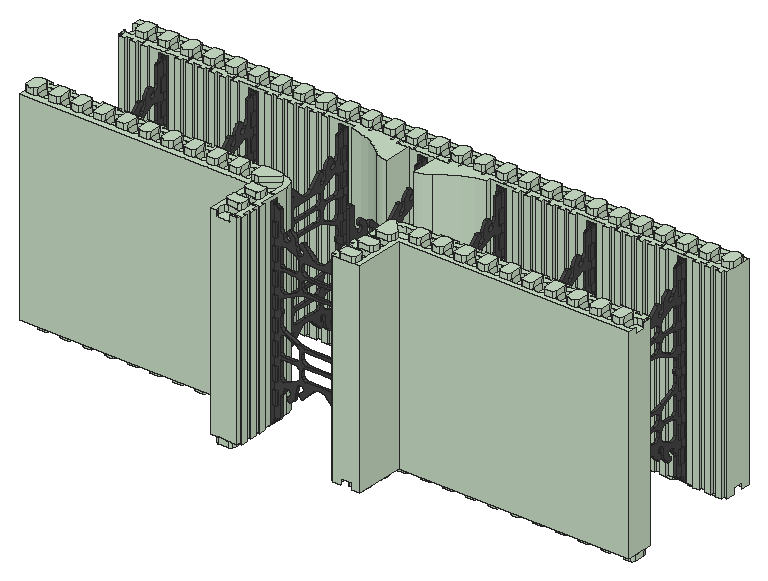
Revit family (continued)
Definition of nested family "8-inch Insert Web"
  Forms (in)
    Extrusion 1, solid, material "High Density Polystyrene"
      sketch origin (0, 0, 0) x (0, 1, 0) y (0, 0, 1)
        loop
          arc (-4.25, 0) -> (-4.22112, 0.01975) -> (-4.21, 0.05292) r 0.055
          line (-4.21, 0.05292) -> (-4.21, 17.69292)
          arc (-4.21, 17.69292) -> (-4.22112, 17.72608) -> (-4.25, 17.74583) r 0.055
          line (-4.25, 17.74583) -> (-4.25, 0)
      from 0.36328 to -0.36328
    Extrusion 2, solid, material "High Density Polystyrene"
      sketch origin (0, 0, 0) x (0, 1, 0) y (0, 0, 1)
        loop
          arc (4.18889, 17.40785) -> (4.20374, 17.40241) -> (4.21, 17.38789) r 0.02
          line (4.21, 17.38789) -> (4.21, 17.63668)
          arc (4.21, 17.63668) -> (4.20585, 17.62147) -> (4.19457, 17.61045) r 0.03
          line (4.19457, 17.61045) -> (4.12543, 17.57204)
          arc (4.12543, 17.57204) -> (4.11414, 17.56103) -> (4.11, 17.54582) r 0.03
          line (4.11, 17.54582) -> (4.11, 17.42461)
          arc (4.11, 17.42461) -> (4.11625, 17.41008) -> (4.13111, 17.40464) r 0.02
          line (4.13111, 17.40464) -> (4.18889, 17.40785)
        loop
          line (-4.12543, 17.57204) -> (-4.19457, 17.61045)
          arc (-4.19457, 17.61045) -> (-4.20585, 17.62147) -> (-4.21, 17.63668) r 0.03
          line (-4.21, 17.63668) -> (-4.21, 17.38789)
          arc (-4.21, 17.38789) -> (-4.20374, 17.40241) -> (-4.18889, 17.40785) r 0.02
          line (-4.18889, 17.40785) -> (-4.13111, 17.40464)
          arc (-4.13111, 17.40464) -> (-4.11625, 17.41008) -> (-4.11, 17.42461) r 0.02
          line (-4.11, 17.42461) -> (-4.11, 17.54582)
          arc (-4.11, 17.54582) -> (-4.11414, 17.56103) -> (-4.12543, 17.57204) r 0.03
        loop
          line (4.18889, 0.33798) -> (4.13111, 0.34119)
          arc (4.13111, 0.34119) -> (4.11625, 0.33575) -> (4.11, 0.32122) r 0.02
          line (4.11, 0.32122) -> (4.11, 0.20001)
          arc (4.11, 0.20001) -> (4.11414, 0.1848) -> (4.12543, 0.17379) r 0.03
          line (4.12543, 0.17379) -> (4.19457, 0.13538)
          arc (4.19457, 0.13538) -> (4.20585, 0.12437) -> (4.21, 0.10915) r 0.03
          line (4.21, 0.10915) -> (4.21, 0.35795)
          arc (4.21, 0.35795) -> (4.20374, 0.34342) -> (4.18889, 0.33798) r 0.02
        loop
          arc (-4.12543, 0.17379) -> (-4.11414, 0.1848) -> (-4.11, 0.20001) r 0.03
          line (-4.11, 0.20001) -> (-4.11, 0.32122)
          arc (-4.11, 0.32122) -> (-4.11625, 0.33575) -> (-4.13111, 0.34119) r 0.02
          line (-4.13111, 0.34119) -> (-4.18889, 0.33798)
          arc (-4.18889, 0.33798) -> (-4.20374, 0.34342) -> (-4.21, 0.35795) r 0.02
          line (-4.21, 0.35795) -> (-4.21, 0.10915)
          arc (-4.21, 0.10915) -> (-4.20585, 0.12437) -> (-4.19457, 0.13538) r 0.03
          line (-4.19457, 0.13538) -> (-4.12543, 0.17379)
        loop
          line (4, 17.20772) -> (3.925, 17.43772)
          arc (3.925, 17.43772) -> (3.875, 17.46772) -> (3.825, 17.43772) r 0.05667
          line (3.825, 17.43772) -> (3.77609, 17.28772) -> (3.64893, 17.28772)
          arc (3.64893, 17.28772) -> (3.61433, 17.27339) -> (3.6, 17.2388) r 0.04893
          line (3.6, 17.2388) -> (3.6, 17.20772) -> (3.5, 17.20772) -> (3.5, 15.75595)
          arc (3.5, 15.75595) -> (3.43087, 15.489) -> (3.24086, 15.28915) r 0.55
          arc (3.24086, 15.28915) -> (3.19232, 15.23289) -> (3.1843, 15.15901) r 0.125
          arc (3.1843, 15.15901) -> (2.73923, 14.83241) -> (2.77171, 15.3835) r 0.305
          arc (2.77171, 15.3835) -> (2.89426, 15.66948) -> (2.60829, 15.79202) r 0.22
          arc (2.60829, 15.79202) -> (2.25428, 15.49683) -> (2.14171, 15.04986) r 0.745
          arc (2.14171, 15.04986) -> (2.09808, 14.63491) -> (1.96932, 14.23805) r 2
          arc (1.96932, 14.23805) -> (1.47025, 14.23431) -> (1.63581, 14.70513) r 0.305
          arc (1.63581, 14.70513) -> (1.78874, 15.03658) -> (1.43743, 15.1357) r 0.24
          line (1.43743, 15.1357) -> (0.53033, 14.22861)
          arc (0.53033, 14.22861) -> (0, 14.00894) -> (-0.53033, 14.22861) r 0.75
          line (-0.53033, 14.22861) -> (-1.43743, 15.1357)
          arc (-1.43743, 15.1357) -> (-1.78874, 15.03658) -> (-1.63581, 14.70513) r 0.24
          arc (-1.63581, 14.70513) -> (-1.47025, 14.23431) -> (-1.96932, 14.23805) r 0.305
          arc (-1.96932, 14.23805) -> (-2.09808, 14.63491) -> (-2.14171, 15.04986) r 2
          arc (-2.14171, 15.04986) -> (-2.25428, 15.49683) -> (-2.60829, 15.79202) r 0.745
          arc (-2.60829, 15.79202) -> (-2.89426, 15.66948) -> (-2.77171, 15.3835) r 0.22
          arc (-2.77171, 15.3835) -> (-2.73923, 14.83241) -> (-3.1843, 15.15901) r 0.305
          arc (-3.1843, 15.15901) -> (-3.19232, 15.23289) -> (-3.24086, 15.28915) r 0.125
          arc (-3.24086, 15.28915) -> (-3.43087, 15.489) -> (-3.5, 15.75595) r 0.55
          line (-3.5, 15.75595) -> (-3.5, 17.20772) -> (-3.6, 17.20772) -> (-3.6, 17.2388)
          arc (-3.6, 17.2388) -> (-3.61433, 17.27339) -> (-3.64893, 17.28772) r 0.04893
          line (-3.64893, 17.28772) -> (-3.77609, 17.28772) -> (-3.825, 17.43772)
          arc (-3.825, 17.43772) -> (-3.875, 17.46772) -> (-3.925, 17.43772) r 0.05667
          line (-3.925, 17.43772) -> (-4, 17.20772) -> (-4, 0.66519) -> (-3.925, 0.43519)
          arc (-3.925, 0.43519) -> (-3.875, 0.40519) -> (-3.825, 0.43519) r 0.05667
          line (-3.825, 0.43519) -> (-3.77609, 0.58519) -> (-3.64893, 0.58519)
          arc (-3.64893, 0.58519) -> (-3.61433, 0.59952) -> (-3.6, 0.63412) r 0.04893
          line (-3.6, 0.63412) -> (-3.6, 0.66519) -> (-3.5, 0.66519) -> (-3.5, 2.24405)
          arc (-3.5, 2.24405) -> (-3.43087, 2.511) -> (-3.24086, 2.71085) r 0.55
          arc (-3.24086, 2.71085) -> (-3.19232, 2.76711) -> (-3.1843, 2.84099) r 0.125
          arc (-3.1843, 2.84099) -> (-2.73923, 3.16759) -> (-2.77171, 2.6165) r 0.305
          arc (-2.77171, 2.6165) -> (-2.89426, 2.33052) -> (-2.60829, 2.20798) r 0.22
          arc (-2.60829, 2.20798) -> (-2.25428, 2.50317) -> (-2.14171, 2.95014) r 0.745
          arc (-2.14171, 2.95014) -> (-2.09808, 3.36509) -> (-1.96932, 3.76195) r 2
          arc (-1.96932, 3.76195) -> (-1.47025, 3.76569) -> (-1.63581, 3.29487) r 0.305
          arc (-1.63581, 3.29487) -> (-1.78874, 2.96342) -> (-1.43743, 2.8643) r 0.24
          line (-1.43743, 2.8643) -> (-0.53033, 3.77139)
          arc (-0.53033, 3.77139) -> (0, 3.99106) -> (0.53033, 3.77139) r 0.75
          line (0.53033, 3.77139) -> (1.43743, 2.8643)
          arc (1.43743, 2.8643) -> (1.78874, 2.96342) -> (1.63581, 3.29487) r 0.24
          arc (1.63581, 3.29487) -> (1.47025, 3.76569) -> (1.96932, 3.76195) r 0.305
          arc (1.96932, 3.76195) -> (2.09808, 3.36509) -> (2.14171, 2.95014) r 2
          arc (2.14171, 2.95014) -> (2.25428, 2.50317) -> (2.60829, 2.20798) r 0.745
          arc (2.60829, 2.20798) -> (2.89426, 2.33052) -> (2.77171, 2.6165) r 0.22
          arc (2.77171, 2.6165) -> (2.73923, 3.16759) -> (3.1843, 2.84099) r 0.305
          arc (3.1843, 2.84099) -> (3.19232, 2.76711) -> (3.24086, 2.71085) r 0.125
          arc (3.24086, 2.71085) -> (3.43087, 2.511) -> (3.5, 2.24405) r 0.55
          line (3.5, 2.24405) -> (3.5, 0.66519) -> (3.6, 0.66519) -> (3.6, 0.63412)
          arc (3.6, 0.63412) -> (3.61433, 0.59952) -> (3.64893, 0.58519) r 0.04893
          line (3.64893, 0.58519) -> (3.77609, 0.58519) -> (3.825, 0.43519)
          arc (3.825, 0.43519) -> (3.875, 0.40519) -> (3.925, 0.43519) r 0.05667
          line (3.925, 0.43519) -> (4, 0.66519) -> (4, 17.20772)
        loop
          line (2.96605, 14.38264) -> (2.08806, 13.97174)
          arc (2.08806, 13.97174) -> (1.87812, 13.78724) -> (1.8, 13.51888) r 0.5
          line (1.8, 13.51888) -> (1.8, 13.10798)
          arc (1.8, 13.10798) -> (1.94645, 12.75443) -> (2.3, 12.60798) r 0.5
          line (2.3, 12.60798) -> (3.25, 12.60798)
          arc (3.25, 12.60798) -> (3.42678, 12.6812) -> (3.5, 12.85798) r 0.25
          line (3.5, 12.85798) -> (3.5, 14.04299)
          arc (3.5, 14.04299) -> (3.32627, 14.35941) -> (2.96605, 14.38264) r 0.375
        loop
          line (1.6, 12.98298) -> (1.6, 13.39222)
          arc (1.6, 13.39222) -> (1.48146, 13.58635) -> (1.30123, 13.72512) r 0.62421
          arc (1.30123, 13.72512) -> (1.16288, 13.71227) -> (1.02401, 13.70798) r 2.25
          line (1.02401, 13.70798) -> (0, 13.70798) -> (-1.02401, 13.70798)
          arc (-1.02401, 13.70798) -> (-1.16288, 13.71227) -> (-1.30123, 13.72512) r 2.25
          arc (-1.30123, 13.72512) -> (-1.48146, 13.58635) -> (-1.6, 13.39222) r 0.62421
          line (-1.6, 13.39222) -> (-1.6, 12.98298)
          arc (-1.6, 12.98298) -> (-1.45481, 12.75317) -> (-1.225, 12.60798) r 0.61747
          line (-1.225, 12.60798) -> (0, 12.60798) -> (1.225, 12.60798)
          arc (1.225, 12.60798) -> (1.45481, 12.75317) -> (1.6, 12.98298) r 0.61747
        loop
          line (-2.08806, 13.97174) -> (-2.96605, 14.38264)
          arc (-2.96605, 14.38264) -> (-3.32627, 14.35941) -> (-3.5, 14.04299) r 0.375
          line (-3.5, 14.04299) -> (-3.5, 12.85798)
          arc (-3.5, 12.85798) -> (-3.42678, 12.6812) -> (-3.25, 12.60798) r 0.25
          line (-3.25, 12.60798) -> (-2.3, 12.60798)
          arc (-2.3, 12.60798) -> (-1.94645, 12.75443) -> (-1.8, 13.10798) r 0.5
          line (-1.8, 13.10798) -> (-1.8, 13.41478) -> (-1.8, 13.51888)
          arc (-1.8, 13.51888) -> (-1.87812, 13.78724) -> (-2.08806, 13.97174) r 0.5
        loop
          arc (2.96605, 10.65332) -> (3.32627, 10.67655) -> (3.5, 10.99296) r 0.375
          line (3.5, 10.99296) -> (3.5, 12.17798)
          arc (3.5, 12.17798) -> (3.42678, 12.35476) -> (3.25, 12.42798) r 0.25
          line (3.25, 12.42798) -> (2.3, 12.42798)
          arc (2.3, 12.42798) -> (1.94645, 12.28153) -> (1.8, 11.92798) r 0.5
          line (1.8, 11.92798) -> (1.8, 11.51707)
          arc (1.8, 11.51707) -> (1.87812, 11.24872) -> (2.08806, 11.06421) r 0.5
          line (2.08806, 11.06421) -> (2.96605, 10.65332)
        loop
          arc (1.6, 12.05298) -> (1.45481, 12.28279) -> (1.225, 12.42798) r 0.61747
          line (1.225, 12.42798) -> (0, 12.42798) -> (-1.225, 12.42798)
          arc (-1.225, 12.42798) -> (-1.45481, 12.28279) -> (-1.6, 12.05298) r 0.61747
          line (-1.6, 12.05298) -> (-1.6, 11.64374)
          arc (-1.6, 11.64374) -> (-1.48146, 11.4496) -> (-1.30123, 11.31084) r 0.62421
          arc (-1.30123, 11.31084) -> (-1.16288, 11.32369) -> (-1.02401, 11.32798) r 2.25
          line (-1.02401, 11.32798) -> (0, 11.32798) -> (1.02401, 11.32798)
          arc (1.02401, 11.32798) -> (1.16288, 11.32369) -> (1.30123, 11.31084) r 2.25
          arc (1.30123, 11.31084) -> (1.48146, 11.4496) -> (1.6, 11.64374) r 0.62421
          line (1.6, 11.64374) -> (1.6, 12.05298)
        loop
          arc (-2.08806, 11.06421) -> (-1.87812, 11.24872) -> (-1.8, 11.51707) r 0.5
          line (-1.8, 11.51707) -> (-1.8, 11.62118) -> (-1.8, 11.92798)
          arc (-1.8, 11.92798) -> (-1.94645, 12.28153) -> (-2.3, 12.42798) r 0.5
          line (-2.3, 12.42798) -> (-3.25, 12.42798)
          arc (-3.25, 12.42798) -> (-3.42678, 12.35476) -> (-3.5, 12.17798) r 0.25
          line (-3.5, 12.17798) -> (-3.5, 10.99296)
          arc (-3.5, 10.99296) -> (-3.32627, 10.67655) -> (-2.96605, 10.65332) r 0.375
          line (-2.96605, 10.65332) -> (-2.08806, 11.06421)
        loop
          line (3.21194, 10.33912) -> (1.95372, 10.92796)
          arc (1.95372, 10.92796) -> (1.48851, 11.08642) -> (1, 11.14009) r 2.25
          line (1, 11.14009) -> (0, 11.14009) -> (-1, 11.14009)
          arc (-1, 11.14009) -> (-1.48851, 11.08642) -> (-1.95372, 10.92796) r 2.25
          line (-1.95372, 10.92796) -> (-3.21194, 10.33912)
          arc (-3.21194, 10.33912) -> (-3.42188, 10.15462) -> (-3.5, 9.88626) r 0.5
          line (-3.5, 9.88626) -> (-3.5, 9.31235) -> (-3.38, 9.11235) -> (-3.38, 9) -> (-3.38, 8.88765) -> (-3.5, 8.68765) -> (-3.5, 8.11374)
          arc (-3.5, 8.11374) -> (-3.42188, 7.84538) -> (-3.21194, 7.66088) r 0.5
          line (-3.21194, 7.66088) -> (-1.95372, 7.07204)
          arc (-1.95372, 7.07204) -> (-1.48851, 6.91358) -> (-1, 6.85991) r 2.25
          line (-1, 6.85991) -> (0, 6.85991) -> (1, 6.85991)
          arc (1, 6.85991) -> (1.48851, 6.91358) -> (1.95372, 7.07204) r 2.25
          line (1.95372, 7.07204) -> (3.21194, 7.66088)
          arc (3.21194, 7.66088) -> (3.42188, 7.84538) -> (3.5, 8.11374) r 0.5
          line (3.5, 8.11374) -> (3.5, 8.68765) -> (3.38, 8.88765) -> (3.38, 9) -> (3.38, 9.11235) -> (3.5, 9.31235) -> (3.5, 9.88626)
          arc (3.5, 9.88626) -> (3.42188, 10.15462) -> (3.21194, 10.33912) r 0.5
        loop
          arc (2.96605, 3.61736) -> (3.32627, 3.64059) -> (3.5, 3.95701) r 0.375
          line (3.5, 3.95701) -> (3.5, 5.14202)
          arc (3.5, 5.14202) -> (3.42678, 5.3188) -> (3.25, 5.39202) r 0.25
          line (3.25, 5.39202) -> (2.3, 5.39202)
          arc (2.3, 5.39202) -> (1.94645, 5.24557) -> (1.8, 4.89202) r 0.5
          line (1.8, 4.89202) -> (1.8, 4.48112)
          arc (1.8, 4.48112) -> (1.87812, 4.21276) -> (2.08806, 4.02826) r 0.5
          line (2.08806, 4.02826) -> (2.96605, 3.61736)
        loop
          arc (1.6, 5.01702) -> (1.45481, 5.24683) -> (1.225, 5.39202) r 0.61747
          line (1.225, 5.39202) -> (0, 5.39202) -> (-1.225, 5.39202)
          arc (-1.225, 5.39202) -> (-1.45481, 5.24683) -> (-1.6, 5.01702) r 0.61747
          line (-1.6, 5.01702) -> (-1.6, 4.60778)
          arc (-1.6, 4.60778) -> (-1.48146, 4.41365) -> (-1.30123, 4.27488) r 0.62421
          arc (-1.30123, 4.27488) -> (-1.16288, 4.28773) -> (-1.02401, 4.29202) r 2.25
          line (-1.02401, 4.29202) -> (0, 4.29202) -> (1.02401, 4.29202)
          arc (1.02401, 4.29202) -> (1.16288, 4.28773) -> (1.30123, 4.27488) r 2.25
          arc (1.30123, 4.27488) -> (1.48146, 4.41365) -> (1.6, 4.60778) r 0.62421
          line (1.6, 4.60778) -> (1.6, 5.01702)
        loop
          arc (-2.08806, 4.02826) -> (-1.87812, 4.21276) -> (-1.8, 4.48112) r 0.5
          line (-1.8, 4.48112) -> (-1.8, 4.58522) -> (-1.8, 4.89202)
          arc (-1.8, 4.89202) -> (-1.94645, 5.24557) -> (-2.3, 5.39202) r 0.5
          line (-2.3, 5.39202) -> (-3.25, 5.39202)
          arc (-3.25, 5.39202) -> (-3.42678, 5.3188) -> (-3.5, 5.14202) r 0.25
          line (-3.5, 5.14202) -> (-3.5, 3.95701)
          arc (-3.5, 3.95701) -> (-3.32627, 3.64059) -> (-2.96605, 3.61736) r 0.375
          line (-2.96605, 3.61736) -> (-2.08806, 4.02826)
        loop
          line (2.96605, 7.34668) -> (2.08806, 6.93579)
          arc (2.08806, 6.93579) -> (1.87812, 6.75128) -> (1.8, 6.48293) r 0.5
          line (1.8, 6.48293) -> (1.8, 6.07202)
          arc (1.8, 6.07202) -> (1.94645, 5.71847) -> (2.3, 5.57202) r 0.5
          line (2.3, 5.57202) -> (3.25, 5.57202)
          arc (3.25, 5.57202) -> (3.42678, 5.64524) -> (3.5, 5.82202) r 0.25
          line (3.5, 5.82202) -> (3.5, 7.00704)
          arc (3.5, 7.00704) -> (3.32627, 7.32345) -> (2.96605, 7.34668) r 0.375
        loop
          line (1.6, 5.94702) -> (1.6, 6.35626)
          arc (1.6, 6.35626) -> (1.48146, 6.5504) -> (1.30123, 6.68916) r 0.62421
          arc (1.30123, 6.68916) -> (1.16288, 6.67631) -> (1.02401, 6.67202) r 2.25
          line (1.02401, 6.67202) -> (0, 6.67202) -> (-1.02401, 6.67202)
          arc (-1.02401, 6.67202) -> (-1.16288, 6.67631) -> (-1.30123, 6.68916) r 2.25
          arc (-1.30123, 6.68916) -> (-1.48146, 6.5504) -> (-1.6, 6.35626) r 0.62421
          line (-1.6, 6.35626) -> (-1.6, 5.94702)
          arc (-1.6, 5.94702) -> (-1.45481, 5.71721) -> (-1.225, 5.57202) r 0.61747
          line (-1.225, 5.57202) -> (0, 5.57202) -> (1.225, 5.57202)
          arc (1.225, 5.57202) -> (1.45481, 5.71721) -> (1.6, 5.94702) r 0.61747
        loop
          line (-2.08806, 6.93579) -> (-2.96605, 7.34668)
          arc (-2.96605, 7.34668) -> (-3.32627, 7.32345) -> (-3.5, 7.00704) r 0.375
          line (-3.5, 7.00704) -> (-3.5, 5.82202)
          arc (-3.5, 5.82202) -> (-3.42678, 5.64524) -> (-3.25, 5.57202) r 0.25
          line (-3.25, 5.57202) -> (-2.3, 5.57202)
          arc (-2.3, 5.57202) -> (-1.94645, 5.71847) -> (-1.8, 6.07202) r 0.5
          line (-1.8, 6.07202) -> (-1.8, 6.37882) -> (-1.8, 6.48293)
          arc (-1.8, 6.48293) -> (-1.87812, 6.75128) -> (-2.08806, 6.93579) r 0.5
      from 0.125 to -0.125
    Extrusion 3, solid, material "High Density Polystyrene"
      sketch origin (0, 0, 0) x (0, 1, 0) y (0, 0, 1)
        loop
          line (4.21, 16.17792) -> (3.71, 16.17792) -> (3.71, 14.97792) -> (4.21, 14.97792) -> (4.21, 16.17792)
        loop
          line (4.21, 14.22792) -> (3.71, 14.22792) -> (3.71, 13.02792) -> (4.21, 13.02792) -> (4.21, 14.22792)
        loop
          line (4.21, 12.27792) -> (3.71, 12.27792) -> (3.71, 11.07792) -> (4.21, 11.07792) -> (4.21, 12.27792)
        loop
          line (4.21, 10.32792) -> (3.71, 10.32792) -> (3.71, 9.24792) -> (4.21, 9.24792) -> (4.21, 10.32792)
        loop
          line (4.21, 8.49792) -> (3.71, 8.49792) -> (3.71, 7.41792) -> (4.21, 7.41792) -> (4.21, 8.49792)
        loop
          line (4.21, 6.66792) -> (3.71, 6.66792) -> (3.71, 5.46792) -> (4.21, 5.46792) -> (4.21, 6.66792)
        loop
          line (4.21, 4.71792) -> (3.71, 4.71792) -> (3.71, 3.51792) -> (4.21, 3.51792) -> (4.21, 4.71792)
        loop
          line (4.21, 2.76792) -> (3.71, 2.76792) -> (3.71, 1.56792) -> (4.21, 1.56792) -> (4.21, 2.76792)
        loop
          line (-4.21, 16.17792) -> (-4.21, 14.97792) -> (-3.71, 14.97792) -> (-3.71, 16.17792) -> (-4.21, 16.17792)
        loop
          line (-4.21, 14.22792) -> (-4.21, 13.02792) -> (-3.71, 13.02792) -> (-3.71, 14.22792) -> (-4.21, 14.22792)
        loop
          line (-4.21, 12.27792) -> (-4.21, 11.07792) -> (-3.71, 11.07792) -> (-3.71, 12.27792) -> (-4.21, 12.27792)
        loop
          line (-4.21, 10.32792) -> (-4.21, 9.24792) -> (-3.71, 9.24792) -> (-3.71, 10.32792) -> (-4.21, 10.32792)
        loop
          line (-4.21, 8.49792) -> (-4.21, 7.41792) -> (-3.71, 7.41792) -> (-3.71, 8.49792) -> (-4.21, 8.49792)
        loop
          line (-4.21, 6.66792) -> (-4.21, 5.46792) -> (-3.71, 5.46792) -> (-3.71, 6.66792) -> (-4.21, 6.66792)
        loop
          line (-4.21, 4.71792) -> (-4.21, 3.51792) -> (-3.71, 3.51792) -> (-3.71, 4.71792) -> (-4.21, 4.71792)
        loop
          line (-4.21, 2.76792) -> (-4.21, 1.56792) -> (-3.71, 1.56792) -> (-3.71, 2.76792) -> (-4.21, 2.76792)
      from 0.25 to -0.25
    Extrusion 4, void
      sketch origin (0, 1, 0) x (1, 0, 0) y (0, 1, 0)
        loop
          line (-0.25, 2.79249) -> (-0.25, 2.71) -> (-0.1675, 2.71)
          arc (-0.1675, 2.71) -> (-0.22584, 2.73416) -> (-0.25, 2.79249) r 0.0825
      from 0 to 18
    Extrusion 5, void
      sketch origin (0, 1, 0) x (-1, 0, 0) y (0, -1, 0)
        loop
          arc (-0.25, -2.79249) -> (-0.22584, -2.73416) -> (-0.1675, -2.71) r 0.0825
          line (-0.1675, -2.71) -> (-0.25, -2.71) -> (-0.25, -2.79249)
      from 0 to 18
    Extrusion 6, void
      sketch origin (0, -1, 0) x (1, 0, 0) y (0, 1, 0)
        loop
          arc (-0.25, -2.79249) -> (-0.22584, -2.73416) -> (-0.1675, -2.71) r 0.0825
          line (-0.1675, -2.71) -> (-0.25, -2.71) -> (-0.25, -2.79249)
      from 0 to 18
    Extrusion 7, void
      sketch origin (0, -1, 0) x (-1, 0, 0) y (0, -1, 0)
        loop
          line (-0.25, 2.79249) -> (-0.25, 2.71) -> (-0.1675, 2.71)
          arc (-0.1675, 2.71) -> (-0.22584, 2.73416) -> (-0.25, 2.79249) r 0.0825
      from 0 to 18
  Cuts and joins
    Extrusion 4, Extrusion 5, Extrusion 6, Extrusion 7 cuts Extrusion 1
    Extrusion 4, Extrusion 5, Extrusion 6, Extrusion 7 cuts Extrusion 3
Definition of nested family "8-inch Insert Web w One Fastening Strip"
  Reference planes (in)
    plane 1 "Center (Front/Back)": y = 0
    plane 2: z = 0
    plane 3 "Center (Left/Right)": x = 0
  Forms (in)
    Extrusion 1, solid, material "High Density Polystyrene"
      sketch origin (0, 0, 0) x (0, 1, 0) y (0, 0, 1)
        loop
          arc (-4.25, 0) -> (-4.22112, 0.01975) -> (-4.21, 0.05292) r 0.055
          line (-4.21, 0.05292) -> (-4.21, 17.69292)
          arc (-4.21, 17.69292) -> (-4.22112, 17.72608) -> (-4.25, 17.74583) r 0.055
          line (-4.25, 17.74583) -> (-4.25, 0)
      from 0.36328 to -0.36328
    Extrusion 2, solid, material "High Density Polystyrene"
      sketch origin (0, 0, 0) x (0, 1, 0) y (0, 0, 1)
        loop
          line (-4.12543, 17.57204) -> (-4.19457, 17.61045)
          arc (-4.19457, 17.61045) -> (-4.20585, 17.62147) -> (-4.21, 17.63668) r 0.03
          line (-4.21, 17.63668) -> (-4.21, 17.38789)
          arc (-4.21, 17.38789) -> (-4.20374, 17.40241) -> (-4.18889, 17.40785) r 0.02
          line (-4.18889, 17.40785) -> (-4.13111, 17.40464)
          arc (-4.13111, 17.40464) -> (-4.11625, 17.41008) -> (-4.11, 17.42461) r 0.02
          line (-4.11, 17.42461) -> (-4.11, 17.54582)
          arc (-4.11, 17.54582) -> (-4.11414, 17.56103) -> (-4.12543, 17.57204) r 0.03
        loop
          arc (-4.12543, 0.17379) -> (-4.11414, 0.1848) -> (-4.11, 0.20001) r 0.03
          line (-4.11, 0.20001) -> (-4.11, 0.32122)
          arc (-4.11, 0.32122) -> (-4.11625, 0.33575) -> (-4.13111, 0.34119) r 0.02
          line (-4.13111, 0.34119) -> (-4.18889, 0.33798)
          arc (-4.18889, 0.33798) -> (-4.20374, 0.34342) -> (-4.21, 0.35795) r 0.02
          line (-4.21, 0.35795) -> (-4.21, 0.10915)
          arc (-4.21, 0.10915) -> (-4.20585, 0.12437) -> (-4.19457, 0.13538) r 0.03
          line (-4.19457, 0.13538) -> (-4.12543, 0.17379)
        loop
          line (4, 17.20772) -> (3.925, 17.43772)
          arc (3.925, 17.43772) -> (3.875, 17.46772) -> (3.825, 17.43772) r 0.05667
          line (3.825, 17.43772) -> (3.77609, 17.28772) -> (3.64893, 17.28772)
          arc (3.64893, 17.28772) -> (3.61433, 17.27339) -> (3.6, 17.2388) r 0.04893
          line (3.6, 17.2388) -> (3.6, 17.20772) -> (3.5, 17.20772) -> (3.5, 15.75595)
          arc (3.5, 15.75595) -> (3.43087, 15.489) -> (3.24086, 15.28915) r 0.55
          arc (3.24086, 15.28915) -> (3.19232, 15.23289) -> (3.1843, 15.15901) r 0.125
          arc (3.1843, 15.15901) -> (2.73923, 14.83241) -> (2.77171, 15.3835) r 0.305
          arc (2.77171, 15.3835) -> (2.89426, 15.66948) -> (2.60829, 15.79202) r 0.22
          arc (2.60829, 15.79202) -> (2.25428, 15.49683) -> (2.14171, 15.04986) r 0.745
          arc (2.14171, 15.04986) -> (2.09808, 14.63491) -> (1.96932, 14.23805) r 2
          arc (1.96932, 14.23805) -> (1.47025, 14.23431) -> (1.63581, 14.70513) r 0.305
          arc (1.63581, 14.70513) -> (1.78874, 15.03658) -> (1.43743, 15.1357) r 0.24
          line (1.43743, 15.1357) -> (0.53033, 14.22861)
          arc (0.53033, 14.22861) -> (0, 14.00894) -> (-0.53033, 14.22861) r 0.75
          line (-0.53033, 14.22861) -> (-1.43743, 15.1357)
          arc (-1.43743, 15.1357) -> (-1.78874, 15.03658) -> (-1.63581, 14.70513) r 0.24
          arc (-1.63581, 14.70513) -> (-1.47025, 14.23431) -> (-1.96932, 14.23805) r 0.305
          arc (-1.96932, 14.23805) -> (-2.09808, 14.63491) -> (-2.14171, 15.04986) r 2
          arc (-2.14171, 15.04986) -> (-2.25428, 15.49683) -> (-2.60829, 15.79202) r 0.745
          arc (-2.60829, 15.79202) -> (-2.89426, 15.66948) -> (-2.77171, 15.3835) r 0.22
          arc (-2.77171, 15.3835) -> (-2.73923, 14.83241) -> (-3.1843, 15.15901) r 0.305
          arc (-3.1843, 15.15901) -> (-3.19232, 15.23289) -> (-3.24086, 15.28915) r 0.125
          arc (-3.24086, 15.28915) -> (-3.43087, 15.489) -> (-3.5, 15.75595) r 0.55
          line (-3.5, 15.75595) -> (-3.5, 17.20772) -> (-3.6, 17.20772) -> (-3.6, 17.2388)
          arc (-3.6, 17.2388) -> (-3.61433, 17.27339) -> (-3.64893, 17.28772) r 0.04893
          line (-3.64893, 17.28772) -> (-3.77609, 17.28772) -> (-3.825, 17.43772)
          arc (-3.825, 17.43772) -> (-3.875, 17.46772) -> (-3.925, 17.43772) r 0.05667
          line (-3.925, 17.43772) -> (-4, 17.20772) -> (-4, 0.66519) -> (-3.925, 0.43519)
          arc (-3.925, 0.43519) -> (-3.875, 0.40519) -> (-3.825, 0.43519) r 0.05667
          line (-3.825, 0.43519) -> (-3.77609, 0.58519) -> (-3.64893, 0.58519)
          arc (-3.64893, 0.58519) -> (-3.61433, 0.59952) -> (-3.6, 0.63412) r 0.04893
          line (-3.6, 0.63412) -> (-3.6, 0.66519) -> (-3.5, 0.66519) -> (-3.5, 2.24405)
          arc (-3.5, 2.24405) -> (-3.43087, 2.511) -> (-3.24086, 2.71085) r 0.55
          arc (-3.24086, 2.71085) -> (-3.19232, 2.76711) -> (-3.1843, 2.84099) r 0.125
          arc (-3.1843, 2.84099) -> (-2.73923, 3.16759) -> (-2.77171, 2.6165) r 0.305
          arc (-2.77171, 2.6165) -> (-2.89426, 2.33052) -> (-2.60829, 2.20798) r 0.22
          arc (-2.60829, 2.20798) -> (-2.25428, 2.50317) -> (-2.14171, 2.95014) r 0.745
          arc (-2.14171, 2.95014) -> (-2.09808, 3.36509) -> (-1.96932, 3.76195) r 2
          arc (-1.96932, 3.76195) -> (-1.47025, 3.76569) -> (-1.63581, 3.29487) r 0.305
          arc (-1.63581, 3.29487) -> (-1.78874, 2.96342) -> (-1.43743, 2.8643) r 0.24
          line (-1.43743, 2.8643) -> (-0.53033, 3.77139)
          arc (-0.53033, 3.77139) -> (0, 3.99106) -> (0.53033, 3.77139) r 0.75
          line (0.53033, 3.77139) -> (1.43743, 2.8643)
          arc (1.43743, 2.8643) -> (1.78874, 2.96342) -> (1.63581, 3.29487) r 0.24
          arc (1.63581, 3.29487) -> (1.47025, 3.76569) -> (1.96932, 3.76195) r 0.305
          arc (1.96932, 3.76195) -> (2.09808, 3.36509) -> (2.14171, 2.95014) r 2
          arc (2.14171, 2.95014) -> (2.25428, 2.50317) -> (2.60829, 2.20798) r 0.745
          arc (2.60829, 2.20798) -> (2.89426, 2.33052) -> (2.77171, 2.6165) r 0.22
          arc (2.77171, 2.6165) -> (2.73923, 3.16759) -> (3.1843, 2.84099) r 0.305
          arc (3.1843, 2.84099) -> (3.19232, 2.76711) -> (3.24086, 2.71085) r 0.125
          arc (3.24086, 2.71085) -> (3.43087, 2.511) -> (3.5, 2.24405) r 0.55
          line (3.5, 2.24405) -> (3.5, 0.66519) -> (3.6, 0.66519) -> (3.6, 0.63412)
          arc (3.6, 0.63412) -> (3.61433, 0.59952) -> (3.64893, 0.58519) r 0.04893
          line (3.64893, 0.58519) -> (3.77609, 0.58519) -> (3.825, 0.43519)
          arc (3.825, 0.43519) -> (3.875, 0.40519) -> (3.925, 0.43519) r 0.05667
          line (3.925, 0.43519) -> (4, 0.66519) -> (4, 17.20772)
        loop
          line (2.96605, 14.38264) -> (2.08806, 13.97174)
          arc (2.08806, 13.97174) -> (1.87812, 13.78724) -> (1.8, 13.51888) r 0.5
          line (1.8, 13.51888) -> (1.8, 13.10798)
          arc (1.8, 13.10798) -> (1.94645, 12.75443) -> (2.3, 12.60798) r 0.5
          line (2.3, 12.60798) -> (3.25, 12.60798)
          arc (3.25, 12.60798) -> (3.42678, 12.6812) -> (3.5, 12.85798) r 0.25
          line (3.5, 12.85798) -> (3.5, 14.04299)
          arc (3.5, 14.04299) -> (3.32627, 14.35941) -> (2.96605, 14.38264) r 0.375
        loop
          line (1.6, 12.98298) -> (1.6, 13.39222)
          arc (1.6, 13.39222) -> (1.48146, 13.58635) -> (1.30123, 13.72512) r 0.62421
          arc (1.30123, 13.72512) -> (1.16288, 13.71227) -> (1.02401, 13.70798) r 2.25
          line (1.02401, 13.70798) -> (0, 13.70798) -> (-1.02401, 13.70798)
          arc (-1.02401, 13.70798) -> (-1.16288, 13.71227) -> (-1.30123, 13.72512) r 2.25
          arc (-1.30123, 13.72512) -> (-1.48146, 13.58635) -> (-1.6, 13.39222) r 0.62421
          line (-1.6, 13.39222) -> (-1.6, 12.98298)
          arc (-1.6, 12.98298) -> (-1.45481, 12.75317) -> (-1.225, 12.60798) r 0.61747
          line (-1.225, 12.60798) -> (0, 12.60798) -> (1.225, 12.60798)
          arc (1.225, 12.60798) -> (1.45481, 12.75317) -> (1.6, 12.98298) r 0.61747
        loop
          line (-2.08806, 13.97174) -> (-2.96605, 14.38264)
          arc (-2.96605, 14.38264) -> (-3.32627, 14.35941) -> (-3.5, 14.04299) r 0.375
          line (-3.5, 14.04299) -> (-3.5, 12.85798)
          arc (-3.5, 12.85798) -> (-3.42678, 12.6812) -> (-3.25, 12.60798) r 0.25
          line (-3.25, 12.60798) -> (-2.3, 12.60798)
          arc (-2.3, 12.60798) -> (-1.94645, 12.75443) -> (-1.8, 13.10798) r 0.5
          line (-1.8, 13.10798) -> (-1.8, 13.41478) -> (-1.8, 13.51888)
          arc (-1.8, 13.51888) -> (-1.87812, 13.78724) -> (-2.08806, 13.97174) r 0.5
        loop
          arc (2.96605, 10.65332) -> (3.32627, 10.67655) -> (3.5, 10.99296) r 0.375
          line (3.5, 10.99296) -> (3.5, 12.17798)
          arc (3.5, 12.17798) -> (3.42678, 12.35476) -> (3.25, 12.42798) r 0.25
          line (3.25, 12.42798) -> (2.3, 12.42798)
          arc (2.3, 12.42798) -> (1.94645, 12.28153) -> (1.8, 11.92798) r 0.5
          line (1.8, 11.92798) -> (1.8, 11.51707)
          arc (1.8, 11.51707) -> (1.87812, 11.24872) -> (2.08806, 11.06421) r 0.5
          line (2.08806, 11.06421) -> (2.96605, 10.65332)
        loop
          arc (1.6, 12.05298) -> (1.45481, 12.28279) -> (1.225, 12.42798) r 0.61747
          line (1.225, 12.42798) -> (0, 12.42798) -> (-1.225, 12.42798)
          arc (-1.225, 12.42798) -> (-1.45481, 12.28279) -> (-1.6, 12.05298) r 0.61747
          line (-1.6, 12.05298) -> (-1.6, 11.64374)
          arc (-1.6, 11.64374) -> (-1.48146, 11.4496) -> (-1.30123, 11.31084) r 0.62421
          arc (-1.30123, 11.31084) -> (-1.16288, 11.32369) -> (-1.02401, 11.32798) r 2.25
          line (-1.02401, 11.32798) -> (0, 11.32798) -> (1.02401, 11.32798)
          arc (1.02401, 11.32798) -> (1.16288, 11.32369) -> (1.30123, 11.31084) r 2.25
          arc (1.30123, 11.31084) -> (1.48146, 11.4496) -> (1.6, 11.64374) r 0.62421
          line (1.6, 11.64374) -> (1.6, 12.05298)
        loop
          arc (-2.08806, 11.06421) -> (-1.87812, 11.24872) -> (-1.8, 11.51707) r 0.5
          line (-1.8, 11.51707) -> (-1.8, 11.62118) -> (-1.8, 11.92798)
          arc (-1.8, 11.92798) -> (-1.94645, 12.28153) -> (-2.3, 12.42798) r 0.5
          line (-2.3, 12.42798) -> (-3.25, 12.42798)
          arc (-3.25, 12.42798) -> (-3.42678, 12.35476) -> (-3.5, 12.17798) r 0.25
          line (-3.5, 12.17798) -> (-3.5, 10.99296)
          arc (-3.5, 10.99296) -> (-3.32627, 10.67655) -> (-2.96605, 10.65332) r 0.375
          line (-2.96605, 10.65332) -> (-2.08806, 11.06421)
        loop
          line (3.21194, 10.33912) -> (1.95372, 10.92796)
          arc (1.95372, 10.92796) -> (1.48851, 11.08642) -> (1, 11.14009) r 2.25
          line (1, 11.14009) -> (0, 11.14009) -> (-1, 11.14009)
          arc (-1, 11.14009) -> (-1.48851, 11.08642) -> (-1.95372, 10.92796) r 2.25
          line (-1.95372, 10.92796) -> (-3.21194, 10.33912)
          arc (-3.21194, 10.33912) -> (-3.42188, 10.15462) -> (-3.5, 9.88626) r 0.5
          line (-3.5, 9.88626) -> (-3.5, 9.31235) -> (-3.38, 9.11235) -> (-3.38, 9) -> (-3.38, 8.88765) -> (-3.5, 8.68765) -> (-3.5, 8.11374)
          arc (-3.5, 8.11374) -> (-3.42188, 7.84538) -> (-3.21194, 7.66088) r 0.5
          line (-3.21194, 7.66088) -> (-1.95372, 7.07204)
          arc (-1.95372, 7.07204) -> (-1.48851, 6.91358) -> (-1, 6.85991) r 2.25
          line (-1, 6.85991) -> (0, 6.85991) -> (1, 6.85991)
          arc (1, 6.85991) -> (1.48851, 6.91358) -> (1.95372, 7.07204) r 2.25
          line (1.95372, 7.07204) -> (3.21194, 7.66088)
          arc (3.21194, 7.66088) -> (3.42188, 7.84538) -> (3.5, 8.11374) r 0.5
          line (3.5, 8.11374) -> (3.5, 8.68765) -> (3.38, 8.88765) -> (3.38, 9) -> (3.38, 9.11235) -> (3.5, 9.31235) -> (3.5, 9.88626)
          arc (3.5, 9.88626) -> (3.42188, 10.15462) -> (3.21194, 10.33912) r 0.5
        loop
          arc (2.96605, 3.61736) -> (3.32627, 3.64059) -> (3.5, 3.95701) r 0.375
          line (3.5, 3.95701) -> (3.5, 5.14202)
          arc (3.5, 5.14202) -> (3.42678, 5.3188) -> (3.25, 5.39202) r 0.25
          line (3.25, 5.39202) -> (2.3, 5.39202)
          arc (2.3, 5.39202) -> (1.94645, 5.24557) -> (1.8, 4.89202) r 0.5
          line (1.8, 4.89202) -> (1.8, 4.48112)
          arc (1.8, 4.48112) -> (1.87812, 4.21276) -> (2.08806, 4.02826) r 0.5
          line (2.08806, 4.02826) -> (2.96605, 3.61736)
        loop
          arc (1.6, 5.01702) -> (1.45481, 5.24683) -> (1.225, 5.39202) r 0.61747
          line (1.225, 5.39202) -> (0, 5.39202) -> (-1.225, 5.39202)
          arc (-1.225, 5.39202) -> (-1.45481, 5.24683) -> (-1.6, 5.01702) r 0.61747
          line (-1.6, 5.01702) -> (-1.6, 4.60778)
          arc (-1.6, 4.60778) -> (-1.48146, 4.41365) -> (-1.30123, 4.27488) r 0.62421
          arc (-1.30123, 4.27488) -> (-1.16288, 4.28773) -> (-1.02401, 4.29202) r 2.25
          line (-1.02401, 4.29202) -> (0, 4.29202) -> (1.02401, 4.29202)
          arc (1.02401, 4.29202) -> (1.16288, 4.28773) -> (1.30123, 4.27488) r 2.25
          arc (1.30123, 4.27488) -> (1.48146, 4.41365) -> (1.6, 4.60778) r 0.62421
          line (1.6, 4.60778) -> (1.6, 5.01702)
        loop
          arc (-2.08806, 4.02826) -> (-1.87812, 4.21276) -> (-1.8, 4.48112) r 0.5
          line (-1.8, 4.48112) -> (-1.8, 4.58522) -> (-1.8, 4.89202)
          arc (-1.8, 4.89202) -> (-1.94645, 5.24557) -> (-2.3, 5.39202) r 0.5
          line (-2.3, 5.39202) -> (-3.25, 5.39202)
          arc (-3.25, 5.39202) -> (-3.42678, 5.3188) -> (-3.5, 5.14202) r 0.25
          line (-3.5, 5.14202) -> (-3.5, 3.95701)
          arc (-3.5, 3.95701) -> (-3.32627, 3.64059) -> (-2.96605, 3.61736) r 0.375
          line (-2.96605, 3.61736) -> (-2.08806, 4.02826)
        loop
          line (2.96605, 7.34668) -> (2.08806, 6.93579)
          arc (2.08806, 6.93579) -> (1.87812, 6.75128) -> (1.8, 6.48293) r 0.5
          line (1.8, 6.48293) -> (1.8, 6.07202)
          arc (1.8, 6.07202) -> (1.94645, 5.71847) -> (2.3, 5.57202) r 0.5
          line (2.3, 5.57202) -> (3.25, 5.57202)
          arc (3.25, 5.57202) -> (3.42678, 5.64524) -> (3.5, 5.82202) r 0.25
          line (3.5, 5.82202) -> (3.5, 7.00704)
          arc (3.5, 7.00704) -> (3.32627, 7.32345) -> (2.96605, 7.34668) r 0.375
        loop
          line (1.6, 5.94702) -> (1.6, 6.35626)
          arc (1.6, 6.35626) -> (1.48146, 6.5504) -> (1.30123, 6.68916) r 0.62421
          arc (1.30123, 6.68916) -> (1.16288, 6.67631) -> (1.02401, 6.67202) r 2.25
          line (1.02401, 6.67202) -> (0, 6.67202) -> (-1.02401, 6.67202)
          arc (-1.02401, 6.67202) -> (-1.16288, 6.67631) -> (-1.30123, 6.68916) r 2.25
          arc (-1.30123, 6.68916) -> (-1.48146, 6.5504) -> (-1.6, 6.35626) r 0.62421
          line (-1.6, 6.35626) -> (-1.6, 5.94702)
          arc (-1.6, 5.94702) -> (-1.45481, 5.71721) -> (-1.225, 5.57202) r 0.61747
          line (-1.225, 5.57202) -> (0, 5.57202) -> (1.225, 5.57202)
          arc (1.225, 5.57202) -> (1.45481, 5.71721) -> (1.6, 5.94702) r 0.61747
        loop
          line (-2.08806, 6.93579) -> (-2.96605, 7.34668)
          arc (-2.96605, 7.34668) -> (-3.32627, 7.32345) -> (-3.5, 7.00704) r 0.375
          line (-3.5, 7.00704) -> (-3.5, 5.82202)
          arc (-3.5, 5.82202) -> (-3.42678, 5.64524) -> (-3.25, 5.57202) r 0.25
          line (-3.25, 5.57202) -> (-2.3, 5.57202)
          arc (-2.3, 5.57202) -> (-1.94645, 5.71847) -> (-1.8, 6.07202) r 0.5
          line (-1.8, 6.07202) -> (-1.8, 6.37882) -> (-1.8, 6.48293)
          arc (-1.8, 6.48293) -> (-1.87812, 6.75128) -> (-2.08806, 6.93579) r 0.5
      from 0.125 to -0.125
    Extrusion 3, solid, material "High Density Polystyrene"
      sketch origin (0, 0, 0) x (0, 1, 0) y (0, 0, 1)
        loop
          line (-4.21, 16.17792) -> (-4.21, 14.97792) -> (-3.71, 14.97792) -> (-3.71, 16.17792) -> (-4.21, 16.17792)
        loop
          line (-4.21, 14.22792) -> (-4.21, 13.02792) -> (-3.71, 13.02792) -> (-3.71, 14.22792) -> (-4.21, 14.22792)
        loop
          line (-4.21, 12.27792) -> (-4.21, 11.07792) -> (-3.71, 11.07792) -> (-3.71, 12.27792) -> (-4.21, 12.27792)
        loop
          line (-4.21, 10.32792) -> (-4.21, 9.24792) -> (-3.71, 9.24792) -> (-3.71, 10.32792) -> (-4.21, 10.32792)
        loop
          line (-4.21, 8.49792) -> (-4.21, 7.41792) -> (-3.71, 7.41792) -> (-3.71, 8.49792) -> (-4.21, 8.49792)
        loop
          line (-4.21, 6.66792) -> (-4.21, 5.46792) -> (-3.71, 5.46792) -> (-3.71, 6.66792) -> (-4.21, 6.66792)
        loop
          line (-4.21, 4.71792) -> (-4.21, 3.51792) -> (-3.71, 3.51792) -> (-3.71, 4.71792) -> (-4.21, 4.71792)
        loop
          line (-4.21, 2.76792) -> (-4.21, 1.56792) -> (-3.71, 1.56792) -> (-3.71, 2.76792) -> (-4.21, 2.76792)
      from 0.25 to -0.25
    Extrusion 4, void
      sketch origin (0, -1, 0) x (1, 0, 0) y (0, 1, 0)
        loop
          arc (-0.25, -2.79249) -> (-0.22584, -2.73416) -> (-0.1675, -2.71) r 0.0825
          line (-0.1675, -2.71) -> (-0.25, -2.71) -> (-0.25, -2.79249)
      from 0 to 18
    Extrusion 5, void
      sketch origin (0, -1, 0) x (-1, 0, 0) y (0, -1, 0)
        loop
          line (-0.25, 2.79249) -> (-0.25, 2.71) -> (-0.1675, 2.71)
          arc (-0.1675, 2.71) -> (-0.22584, 2.73416) -> (-0.25, 2.79249) r 0.0825
      from 0 to 18
  Cuts and joins
    Extrusion 4, Extrusion 5 cuts Extrusion 1
    Extrusion 4, Extrusion 5 cuts Extrusion 3
Definition of nested family "NUDURA Diamond Pattern Missing Two Lines"
  Reference planes (in)
    plane 1 "Center (Front/Back)": y = 0
    plane 2: z = 0
    plane 3 "Center (Left/Right)": x = 0
    plane 4: z = 18
  Lines and regions (in)
    model lines
      curve 1: line (2, -5.625, 18) -> (2, -5.625, 0)
      curve 2: line (3.35367, -5.625, 16.98484) -> (3.69709, -5.625, 16.64142)
      curve 3: arc (3.35367, -5.625, 17.51517) -> (3.24384, -5.625, 17.25) -> (3.35367, -5.625, 16.98484) r 0.375
      curve 4: line (3.72867, -5.625, 17.89017) -> (3.35367, -5.625, 17.51517)
      curve 5: arc (4.259, -5.625, 17.89017) -> (3.99384, -5.625, 18) -> (3.72867, -5.625, 17.89017) r 0.375
      curve 6: line (4.634, -5.625, 17.51517) -> (4.259, -5.625, 17.89017)
      curve 7: arc (4.634, -5.625, 16.98484) -> (4.74384, -5.625, 17.25) -> (4.634, -5.625, 17.51517) r 0.375
      curve 8: line (4.29059, -5.625, 16.64142) -> (4.634, -5.625, 16.98484)
      curve 9: arc (4.17062, -5.625, 17.80178) -> (3.99384, -5.625, 17.875) -> (3.81706, -5.625, 17.80178) r 0.25
      curve 10: line (4.54562, -5.625, 17.42678) -> (4.17062, -5.625, 17.80178)
      curve 11: arc (4.54562, -5.625, 17.07322) -> (4.61884, -5.625, 17.25) -> (4.54562, -5.625, 17.42678) r 0.25
      curve 12: line (4.17062, -5.625, 16.69822) -> (4.54562, -5.625, 17.07322)
      curve 13: arc (3.81706, -5.625, 16.69822) -> (3.99384, -5.625, 16.625) -> (4.17062, -5.625, 16.69822) r 0.25
      curve 14: line (3.44206, -5.625, 17.07322) -> (3.81706, -5.625, 16.69822)
      curve 15: arc (3.44206, -5.625, 17.42678) -> (3.36884, -5.625, 17.25) -> (3.44206, -5.625, 17.07322) r 0.25
      curve 16: line (3.81706, -5.625, 17.80178) -> (3.44206, -5.625, 17.42678)
      curve 17: arc (3.69709, -5.625, 16.35858) -> (3.75567, -5.625, 16.5) -> (3.69709, -5.625, 16.64142) r 0.2
      curve 18: line (4.634, -5.625, 16.01517) -> (4.29059, -5.625, 16.35858)
      curve 19: arc (4.634, -5.625, 15.48484) -> (4.74384, -5.625, 15.75) -> (4.634, -5.625, 16.01517) r 0.375
      curve 20: line (4.29059, -5.625, 15.14142) -> (4.634, -5.625, 15.48484)
      curve 21: line (3.35367, -5.625, 15.48484) -> (3.69709, -5.625, 15.14142)
      curve 22: arc (3.35367, -5.625, 16.01517) -> (3.24384, -5.625, 15.75) -> (3.35367, -5.625, 15.48484) r 0.375
      curve 23: line (3.69709, -5.625, 16.35858) -> (3.35367, -5.625, 16.01517)
      curve 24: arc (4.17062, -5.625, 16.30178) -> (3.99384, -5.625, 16.375) -> (3.81706, -5.625, 16.30178) r 0.25
      curve 25: line (3.81706, -5.625, 16.30178) -> (3.44206, -5.625, 15.92678)
      curve 26: arc (3.44206, -5.625, 15.92678) -> (3.36884, -5.625, 15.75) -> (3.44206, -5.625, 15.57322) r 0.25
      curve 27: line (3.44206, -5.625, 15.57322) -> (3.81706, -5.625, 15.19822)
      curve 28: arc (3.81706, -5.625, 15.19822) -> (3.99384, -5.625, 15.125) -> (4.17062, -5.625, 15.19822) r 0.25
      curve 29: line (4.17062, -5.625, 15.19822) -> (4.54562, -5.625, 15.57322)
      curve 30: arc (4.54562, -5.625, 15.57322) -> (4.61884, -5.625, 15.75) -> (4.54562, -5.625, 15.92678) r 0.25
      curve 31: line (4.54562, -5.625, 15.92678) -> (4.17062, -5.625, 16.30178)
      curve 32: arc (3.69709, -5.625, 14.85858) -> (3.75567, -5.625, 15) -> (3.69709, -5.625, 15.14142) r 0.2
      curve 33: line (4.634, -5.625, 14.51517) -> (4.29059, -5.625, 14.85858)
      curve 34: arc (4.634, -5.625, 13.98484) -> (4.74384, -5.625, 14.25) -> (4.634, -5.625, 14.51517) r 0.375
      curve 35: line (4.29059, -5.625, 13.64142) -> (4.634, -5.625, 13.98484)
      curve 36: line (3.35367, -5.625, 13.98484) -> (3.69709, -5.625, 13.64142)
      curve 37: arc (3.35367, -5.625, 14.51517) -> (3.24384, -5.625, 14.25) -> (3.35367, -5.625, 13.98484) r 0.375
      curve 38: line (3.69709, -5.625, 14.85858) -> (3.35367, -5.625, 14.51517)
      curve 39: arc (4.17062, -5.625, 14.80178) -> (3.99384, -5.625, 14.875) -> (3.81706, -5.625, 14.80178) r 0.25
      curve 40: line (3.81706, -5.625, 14.80178) -> (3.44206, -5.625, 14.42678)
      curve 41: arc (3.44206, -5.625, 14.42678) -> (3.36884, -5.625, 14.25) -> (3.44206, -5.625, 14.07322) r 0.25
      curve 42: line (3.44206, -5.625, 14.07322) -> (3.81706, -5.625, 13.69822)
      curve 43: arc (3.81706, -5.625, 13.69822) -> (3.99384, -5.625, 13.625) -> (4.17062, -5.625, 13.69822) r 0.25
      curve 44: line (4.17062, -5.625, 13.69822) -> (4.54562, -5.625, 14.07322)
      curve 45: arc (4.54562, -5.625, 14.07322) -> (4.61884, -5.625, 14.25) -> (4.54562, -5.625, 14.42678) r 0.25
      curve 46: line (4.54562, -5.625, 14.42678) -> (4.17062, -5.625, 14.80178)
      curve 47: arc (3.69709, -5.625, 13.35858) -> (3.75567, -5.625, 13.5) -> (3.69709, -5.625, 13.64142) r 0.2
      curve 48: line (4.634, -5.625, 13.01517) -> (4.29059, -5.625, 13.35858)
      curve 49: arc (4.634, -5.625, 12.48484) -> (4.74384, -5.625, 12.75) -> (4.634, -5.625, 13.01517) r 0.375
      curve 50: line (4.29059, -5.625, 12.14142) -> (4.634, -5.625, 12.48484)
      curve 51: line (3.35367, -5.625, 12.48484) -> (3.69709, -5.625, 12.14142)
      curve 52: arc (3.35367, -5.625, 13.01517) -> (3.24384, -5.625, 12.75) -> (3.35367, -5.625, 12.48484) r 0.375
      curve 53: line (3.69709, -5.625, 13.35858) -> (3.35367, -5.625, 13.01517)
      curve 54: arc (4.17062, -5.625, 13.30178) -> (3.99384, -5.625, 13.375) -> (3.81706, -5.625, 13.30178) r 0.25
      curve 55: line (3.81706, -5.625, 13.30178) -> (3.44206, -5.625, 12.92678)
      curve 56: arc (3.44206, -5.625, 12.92678) -> (3.36884, -5.625, 12.75) -> (3.44206, -5.625, 12.57322) r 0.25
      curve 57: line (3.44206, -5.625, 12.57322) -> (3.81706, -5.625, 12.19822)
      curve 58: arc (3.81706, -5.625, 12.19822) -> (3.99384, -5.625, 12.125) -> (4.17062, -5.625, 12.19822) r 0.25
      curve 59: line (4.17062, -5.625, 12.19822) -> (4.54562, -5.625, 12.57322)
      curve 60: arc (4.54562, -5.625, 12.57322) -> (4.61884, -5.625, 12.75) -> (4.54562, -5.625, 12.92678) r 0.25
      curve 61: line (4.54562, -5.625, 12.92678) -> (4.17062, -5.625, 13.30178)
      curve 62: arc (3.69709, -5.625, 11.85858) -> (3.75567, -5.625, 12) -> (3.69709, -5.625, 12.14142) r 0.2
      curve 63: line (4.634, -5.625, 11.51517) -> (4.29059, -5.625, 11.85858)
      curve 64: arc (4.634, -5.625, 10.98484) -> (4.74384, -5.625, 11.25) -> (4.634, -5.625, 11.51517) r 0.375
      curve 65: line (4.29059, -5.625, 10.64142) -> (4.634, -5.625, 10.98484)
      curve 66: line (3.35367, -5.625, 10.98484) -> (3.69709, -5.625, 10.64142)
      curve 67: arc (3.35367, -5.625, 11.51517) -> (3.24384, -5.625, 11.25) -> (3.35367, -5.625, 10.98484) r 0.375
      curve 68: line (3.69709, -5.625, 11.85858) -> (3.35367, -5.625, 11.51517)
      curve 69: arc (4.17062, -5.625, 11.80178) -> (3.99384, -5.625, 11.875) -> (3.81706, -5.625, 11.80178) r 0.25
      curve 70: line (3.81706, -5.625, 11.80178) -> (3.44206, -5.625, 11.42678)
      curve 71: arc (3.44206, -5.625, 11.42678) -> (3.36884, -5.625, 11.25) -> (3.44206, -5.625, 11.07322) r 0.25
      curve 72: line (3.44206, -5.625, 11.07322) -> (3.81706, -5.625, 10.69822)
      curve 73: arc (3.81706, -5.625, 10.69822) -> (3.99384, -5.625, 10.625) -> (4.17062, -5.625, 10.69822) r 0.25
      curve 74: line (4.17062, -5.625, 10.69822) -> (4.54562, -5.625, 11.07322)
      curve 75: arc (4.54562, -5.625, 11.07322) -> (4.61884, -5.625, 11.25) -> (4.54562, -5.625, 11.42678) r 0.25
      curve 76: line (4.54562, -5.625, 11.42678) -> (4.17062, -5.625, 11.80178)
      curve 77: arc (3.69709, -5.625, 10.35858) -> (3.75567, -5.625, 10.5) -> (3.69709, -5.625, 10.64142) r 0.2
      curve 78: line (4.634, -5.625, 10.01517) -> (4.29059, -5.625, 10.35858)
      curve 79: arc (4.634, -5.625, 9.48484) -> (4.74384, -5.625, 9.75) -> (4.634, -5.625, 10.01517) r 0.375
      curve 80: line (4.29059, -5.625, 9.14142) -> (4.634, -5.625, 9.48484)
      curve 81: line (3.35367, -5.625, 9.48484) -> (3.69709, -5.625, 9.14142)
      curve 82: arc (3.35367, -5.625, 10.01517) -> (3.24384, -5.625, 9.75) -> (3.35367, -5.625, 9.48484) r 0.375
      curve 83: line (3.69709, -5.625, 10.35858) -> (3.35367, -5.625, 10.01517)
      curve 84: arc (4.17062, -5.625, 10.30178) -> (3.99384, -5.625, 10.375) -> (3.81706, -5.625, 10.30178) r 0.25
      curve 85: line (3.81706, -5.625, 10.30178) -> (3.44206, -5.625, 9.92678)
      curve 86: arc (3.44206, -5.625, 9.92678) -> (3.36884, -5.625, 9.75) -> (3.44206, -5.625, 9.57322) r 0.25
      curve 87: line (3.44206, -5.625, 9.57322) -> (3.81706, -5.625, 9.19822)
      curve 88: arc (3.81706, -5.625, 9.19822) -> (3.99384, -5.625, 9.125) -> (4.17062, -5.625, 9.19822) r 0.25
      curve 89: line (4.17062, -5.625, 9.19822) -> (4.54562, -5.625, 9.57322)
      curve 90: arc (4.54562, -5.625, 9.57322) -> (4.61884, -5.625, 9.75) -> (4.54562, -5.625, 9.92678) r 0.25
      curve 91: line (4.54562, -5.625, 9.92678) -> (4.17062, -5.625, 10.30178)
      curve 92: arc (3.69709, -5.625, 8.85858) -> (3.75567, -5.625, 9) -> (3.69709, -5.625, 9.14142) r 0.2
      curve 93: line (4.634, -5.625, 8.51517) -> (4.29059, -5.625, 8.85858)
      curve 94: arc (4.634, -5.625, 7.98484) -> (4.74384, -5.625, 8.25) -> (4.634, -5.625, 8.51517) r 0.375
      curve 95: line (4.29059, -5.625, 7.64142) -> (4.634, -5.625, 7.98484)
      curve 96: line (3.35367, -5.625, 7.98484) -> (3.69709, -5.625, 7.64142)
      curve 97: arc (3.35367, -5.625, 8.51517) -> (3.24384, -5.625, 8.25) -> (3.35367, -5.625, 7.98484) r 0.375
      curve 98: line (3.69709, -5.625, 8.85858) -> (3.35367, -5.625, 8.51517)
      curve 99: arc (4.17062, -5.625, 8.80178) -> (3.99384, -5.625, 8.875) -> (3.81706, -5.625, 8.80178) r 0.25
      curve 100: line (3.81706, -5.625, 8.80178) -> (3.44206, -5.625, 8.42678)
      curve 101: arc (3.44206, -5.625, 8.42678) -> (3.36884, -5.625, 8.25) -> (3.44206, -5.625, 8.07322) r 0.25
      curve 102: line (3.44206, -5.625, 8.07322) -> (3.81706, -5.625, 7.69822)
      curve 103: arc (3.81706, -5.625, 7.69822) -> (3.99384, -5.625, 7.625) -> (4.17062, -5.625, 7.69822) r 0.25
      curve 104: line (4.17062, -5.625, 7.69822) -> (4.54562, -5.625, 8.07322)
      curve 105: arc (4.54562, -5.625, 8.07322) -> (4.61884, -5.625, 8.25) -> (4.54562, -5.625, 8.42678) r 0.25
      curve 106: line (4.54562, -5.625, 8.42678) -> (4.17062, -5.625, 8.80178)
      curve 107: arc (3.69709, -5.625, 7.35858) -> (3.75567, -5.625, 7.5) -> (3.69709, -5.625, 7.64142) r 0.2
      curve 108: line (4.634, -5.625, 7.01517) -> (4.29059, -5.625, 7.35858)
      curve 109: arc (4.634, -5.625, 6.48484) -> (4.74384, -5.625, 6.75) -> (4.634, -5.625, 7.01517) r 0.375
      curve 110: line (4.29059, -5.625, 6.14142) -> (4.634, -5.625, 6.48484)
      curve 111: line (3.35367, -5.625, 6.48484) -> (3.69709, -5.625, 6.14142)
      curve 112: arc (3.35367, -5.625, 7.01517) -> (3.24384, -5.625, 6.75) -> (3.35367, -5.625, 6.48484) r 0.375
      curve 113: line (3.69709, -5.625, 7.35858) -> (3.35367, -5.625, 7.01517)
      curve 114: arc (4.17062, -5.625, 7.30178) -> (3.99384, -5.625, 7.375) -> (3.81706, -5.625, 7.30178) r 0.25
      curve 115: line (3.81706, -5.625, 7.30178) -> (3.44206, -5.625, 6.92678)
      curve 116: arc (3.44206, -5.625, 6.92678) -> (3.36884, -5.625, 6.75) -> (3.44206, -5.625, 6.57322) r 0.25
      curve 117: line (3.44206, -5.625, 6.57322) -> (3.81706, -5.625, 6.19822)
      curve 118: arc (3.81706, -5.625, 6.19822) -> (3.99384, -5.625, 6.125) -> (4.17062, -5.625, 6.19822) r 0.25
      curve 119: line (4.17062, -5.625, 6.19822) -> (4.54562, -5.625, 6.57322)
      curve 120: arc (4.54562, -5.625, 6.57322) -> (4.61884, -5.625, 6.75) -> (4.54562, -5.625, 6.92678) r 0.25
      curve 121: line (4.54562, -5.625, 6.92678) -> (4.17062, -5.625, 7.30178)
      curve 122: arc (3.69709, -5.625, 5.85858) -> (3.75567, -5.625, 6) -> (3.69709, -5.625, 6.14142) r 0.2
      curve 123: line (4.634, -5.625, 5.51517) -> (4.29059, -5.625, 5.85858)
      curve 124: arc (4.634, -5.625, 4.98484) -> (4.74384, -5.625, 5.25) -> (4.634, -5.625, 5.51517) r 0.375
      curve 125: line (4.29059, -5.625, 4.64142) -> (4.634, -5.625, 4.98484)
      curve 126: line (3.35367, -5.625, 4.98484) -> (3.69709, -5.625, 4.64142)
      curve 127: arc (3.35367, -5.625, 5.51517) -> (3.24384, -5.625, 5.25) -> (3.35367, -5.625, 4.98484) r 0.375
      curve 128: line (3.69709, -5.625, 5.85858) -> (3.35367, -5.625, 5.51517)
      curve 129: arc (4.17062, -5.625, 5.80178) -> (3.99384, -5.625, 5.875) -> (3.81706, -5.625, 5.80178) r 0.25
      curve 130: line (3.81706, -5.625, 5.80178) -> (3.44206, -5.625, 5.42678)
      curve 131: arc (3.44206, -5.625, 5.42678) -> (3.36884, -5.625, 5.25) -> (3.44206, -5.625, 5.07322) r 0.25
      curve 132: line (3.44206, -5.625, 5.07322) -> (3.81706, -5.625, 4.69822)
      curve 133: arc (3.81706, -5.625, 4.69822) -> (3.99384, -5.625, 4.625) -> (4.17062, -5.625, 4.69822) r 0.25
      curve 134: line (4.17062, -5.625, 4.69822) -> (4.54562, -5.625, 5.07322)
      curve 135: arc (4.54562, -5.625, 5.07322) -> (4.61884, -5.625, 5.25) -> (4.54562, -5.625, 5.42678) r 0.25
      curve 136: line (4.54562, -5.625, 5.42678) -> (4.17062, -5.625, 5.80178)
      curve 137: arc (3.69709, -5.625, 4.35858) -> (3.75567, -5.625, 4.5) -> (3.69709, -5.625, 4.64142) r 0.2
      curve 138: line (4.634, -5.625, 4.01517) -> (4.29059, -5.625, 4.35858)
      curve 139: arc (4.634, -5.625, 3.48484) -> (4.74384, -5.625, 3.75) -> (4.634, -5.625, 4.01517) r 0.375
      curve 140: line (4.29059, -5.625, 3.14142) -> (4.634, -5.625, 3.48484)
      curve 141: line (3.35367, -5.625, 3.48484) -> (3.69709, -5.625, 3.14142)
      curve 142: arc (3.35367, -5.625, 4.01517) -> (3.24384, -5.625, 3.75) -> (3.35367, -5.625, 3.48484) r 0.375
      curve 143: line (3.69709, -5.625, 4.35858) -> (3.35367, -5.625, 4.01517)
      curve 144: arc (4.17062, -5.625, 4.30178) -> (3.99384, -5.625, 4.375) -> (3.81706, -5.625, 4.30178) r 0.25
      curve 145: line (3.81706, -5.625, 4.30178) -> (3.44206, -5.625, 3.92678)
      curve 146: arc (3.44206, -5.625, 3.92678) -> (3.36884, -5.625, 3.75) -> (3.44206, -5.625, 3.57322) r 0.25
      curve 147: line (3.44206, -5.625, 3.57322) -> (3.81706, -5.625, 3.19822)
      curve 148: arc (3.81706, -5.625, 3.19822) -> (3.99384, -5.625, 3.125) -> (4.17062, -5.625, 3.19822) r 0.25
      curve 149: line (4.17062, -5.625, 3.19822) -> (4.54562, -5.625, 3.57322)
      curve 150: arc (4.54562, -5.625, 3.57322) -> (4.61884, -5.625, 3.75) -> (4.54562, -5.625, 3.92678) r 0.25
      curve 151: line (4.54562, -5.625, 3.92678) -> (4.17062, -5.625, 4.30178)
      curve 152: arc (3.69709, -5.625, 2.85858) -> (3.75567, -5.625, 3) -> (3.69709, -5.625, 3.14142) r 0.2
      curve 153: line (4.634, -5.625, 2.51517) -> (4.29059, -5.625, 2.85858)
      curve 154: arc (4.634, -5.625, 1.98484) -> (4.74384, -5.625, 2.25) -> (4.634, -5.625, 2.51517) r 0.375
      curve 155: line (4.29059, -5.625, 1.64142) -> (4.634, -5.625, 1.98484)
      curve 156: line (3.35367, -5.625, 1.98484) -> (3.69709, -5.625, 1.64142)
      curve 157: arc (3.35367, -5.625, 2.51517) -> (3.24384, -5.625, 2.25) -> (3.35367, -5.625, 1.98484) r 0.375
      curve 158: line (3.69709, -5.625, 2.85858) -> (3.35367, -5.625, 2.51517)
      curve 159: arc (4.17062, -5.625, 2.80178) -> (3.99384, -5.625, 2.875) -> (3.81706, -5.625, 2.80178) r 0.25
      curve 160: line (3.81706, -5.625, 2.80178) -> (3.44206, -5.625, 2.42678)
      curve 161: arc (3.44206, -5.625, 2.42678) -> (3.36884, -5.625, 2.25) -> (3.44206, -5.625, 2.07322) r 0.25
      curve 162: line (3.44206, -5.625, 2.07322) -> (3.81706, -5.625, 1.69822)
      curve 163: arc (3.81706, -5.625, 1.69822) -> (3.99384, -5.625, 1.625) -> (4.17062, -5.625, 1.69822) r 0.25
      curve 164: line (4.17062, -5.625, 1.69822) -> (4.54562, -5.625, 2.07322)
      curve 165: arc (4.54562, -5.625, 2.07322) -> (4.61884, -5.625, 2.25) -> (4.54562, -5.625, 2.42678) r 0.25
      curve 166: line (4.54562, -5.625, 2.42678) -> (4.17062, -5.625, 2.80178)
      curve 167: arc (3.69709, -5.625, 1.35858) -> (3.75567, -5.625, 1.5) -> (3.69709, -5.625, 1.64142) r 0.2
      curve 168: line (3.69709, -5.625, 1.35858) -> (3.35367, -5.625, 1.01517)
